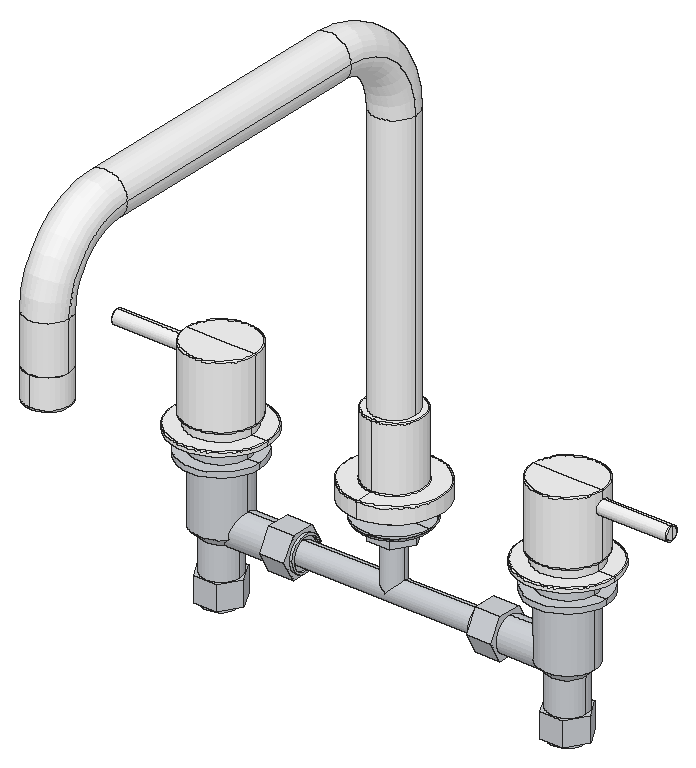
Revit family "Reece_Tap_Sussex_Scala_Square_Spa Set", category Plumbing Fixtures, host Face, Revit 2018
Family settings
  Host = Face
  Round Connector Dimension = Use Diameter
  Part Type = Normal
  Cut with Voids When Loaded = No
  Shared = Yes
  Room Calculation Point = Yes
Parameters (values of type "250 mm_Chrome")
  WFU = 0  # constant formula
  URL = "https://www.reece.com.au/product/-2261613"
  Type Comments = "Tap"
  Reece_Tap_Reach = 250 mm  # constant formula
  Reece_Tap_Projection = 80 mm  # constant formula
  Reece_Tap_Inlet = 12 mm  # constant formula
  Reece_Tap_Handle_Spacing [instance] = if(Reece_Tap_Axis Distance < 70 mm, 70 mm, if(Reece_Tap_Axis Distance > 70 mm, Reece_Tap_Axis Distance, Reece_Tap_Axis Distance))  # 100 mm
  Reece_Tap_Handle_Height = 45 mm  # constant formula
  Reece_Tap_Handle_Bottom_Height = 8 mm  # constant formula
  Reece_Tap_Clearance = 160 mm  # constant formula
  Reece_Tap_Axis Distance [instance] = 100 mm
  Reece_Product_Web Page = "https://www.reece.com.au/product/-2261613"
  Reece_Product_Type = "Tap"  # constant formula
  Reece_Product_Sub Brand = "Scala"  # constant formula
  Reece_Product_Number = "2261613"
  Reece_Product_Mount = "Hob Mounted"
  Reece_Product_Description = "Sussex Scala Hob Spa Set Square Chrome"
  Reece_Product_Brand = "Sussex"  # constant formula
  Reece_Overall_Length = 260 mm  # constant formula
  Reece_Overall_Height = 260 mm  # constant formula
  Reece_Overall_Diameter = 54 mm  # constant formula
  Reece_Material_Main = Reece_Brass_Chrome
  Reece_Detail_Type = "Spa Set"  # constant formula
  Reece_Detail_Shape = "Square"  # constant formula
  Reece_Detail_Installation = ""
  Reece_Detail_Disclaimer = "THIS FILE IS THE PROPERTY OF THE REECE GROUP. IT MAY NOT BE REPRODUCED, REVERSE-ENGINEERED OR MODIFIED. ANY REPUBLICATION, TRANSMISSION OR DISTRIBUTION FOR THE PURPOSE OF COMMERCIALLY EXPLOITING THE FILES IS PROHIBITED."  # constant formula
  Reece_Detail_Connector = ""
  Reece_Backplate_Thickness = 2.5 mm  # constant formula
  Model = "Scala"
  Manufacturer = "Sussex"
  Keynote = "Product #2261613, Reece_Tap_Sussex_Scala_Square_Spa Set - 250 mm_Chrome"
  HWFU = 0  # constant formula
  Disclaimer = "THIS FILE IS THE PROPERTY OF THE REECE GROUP. IT MAY NOT BE REPRODUCED, REVERSE-ENGINEERED OR MODIFIED. ANY REPUBLICATION, TRANSMISSION OR DISTRIBUTION FOR THE PURPOSE OF COMMERCIALLY EXPLOITING THE FILES IS PROHIBITED."  # constant formula
  Description = "Scala Hob Spa Set Square Chrome"
  Default Elevation = 1000 mm
  CWFU = 0  # constant formula
Types (2, lengths in mm): name | URL | Reece_Tap_Handle_Spacing | Reece_Tap_Axis Distance | Reece_Product_Web Page | Reece_Product_Number | Reece_Product_Description | Reece_Material_Main | Keynote | Description
  250 mm_Chrome | "https://www.reece.com.au/product/-2261613" | 100 | 100 | "https://www.reece.com.au/product/-2261613" | "2261613" | "Sussex Scala Hob Spa Set Square Chrome" | Reece_Brass_Chrome | "Product #2261613, Reece_Tap_Sussex_Scala_Square_Spa Set - 250 mm_Chrome" | "Scala Hob Spa Set Square Chrome"
  250 mm_PVD Brushed Platinum Gold | "https://www.reece.com.au/product/-2268278" | 70 | 0 | "https://www.reece.com.au/product/-2268278" | "2268278" | "Sussex Scala Hob Spa Set Square LUX PVD Brushed Platinum Gold" | Reece_PVD_Brushed_Platinum Gold | "Product #2268278, Reece_Tap_Sussex_Scala_Square_Spa Set - 250 mm_PVD Brushed Platinum Gold" | "Scala Hob Spa Set Square LUX PVD Brushed Platinum Gold"
Reference planes
  plane 1 "Center (Front/Back)": y = 0
  plane 2 "Bottom": z = 0
  plane 3 "Center (Left/Right)": x = 0
  plane 4 "Top": z = 260
  plane 5: x = -27
  plane 6: x = 27
  plane 7: z = 46
  plane 8: z = 160
  plane 9: x = -12.5
  plane 10: y = -250
  plane 11: x = 12.5
  plane 12: x = -100
  plane 13: x = 100
  plane 14: z = 45
  plane 15: x = -80
  plane 16: x = -127
  plane 17: x = -73
Forms (mm)
  Revolve 1, solid, material "Reece_Brass_Chrome" <- "Reece_Material_Main"
    sketch origin (0, 0, 0) x (0, -1, 0) y (0, 0, 1)
      loop
        arc (-15.5, 46) -> (-15.854, 45.854) -> (-16, 45.5) r 0.5
        line (-16, 45.5) -> (-16, 9.5)
        arc (-16, 9.5) -> (-16.146, 9.146) -> (-16.5, 9) r 0.5
        line (-16.5, 9) -> (-26.5, 9)
        arc (-26.5, 9) -> (-26.854, 8.854) -> (-27, 8.5) r 0.5
        line (-27, 8.5) -> (-27, 0) -> (0, 0) -> (0, 46) -> (-15.5, 46)
      axis (0, 0) -> (0, 46)
    angle from 0 to 360
  Sweep 2, solid, material "Reece_Brass_Chrome" <- "Reece_Material_Main"
    path origin (0, 0, 0) x (0, -1, 0) y (0, 0, 1)
      loop
        line (250, 177.855) -> (250, 205.655)
        arc (250, 205.655) -> (237.744, 235.244) -> (208.155, 247.5) r 41.845
        line (208.155, 247.5) -> (46.779, 247.5)
        arc (46.779, 247.5) -> (13.701, 233.799) -> (0, 200.721) r 46.779
        line (0, 200.721) -> (0, 9)
    profile origin (0, 0, 104.861) x (-1, 0, 0) y (0, -1, 0)
      loop
        circle (0, 0) r 12.5
  Extrusion 3, void
    sketch origin (0, 0, 0) x (1, 0, 0) y (0, 1, 0)
      loop
        circle (-100, 0) r 12
      loop
        circle (100, 0) r 12
      loop
        circle (0, 0) r 12.5
    from -64.811 to 31.051
  Revolve 4, solid, material "Reece_Brass_Chrome" <- "Reece_Material_Main"
    sketch origin (0, 0, 0) x (0, 1, 0) y (0, 0, 1)
      loop
        line (-262, 160) -> (-261.186, 160) -> (-261.186, 161.162) -> (-260.402, 161.162) -> (-259.979, 160) -> (-250, 160) -> (-250, 178.75) -> (-261.25, 178.75) -> (-262.5, 177.5) -> (-262.5, 160.5)
        arc (-262.5, 160.5) -> (-262.354, 160.146) -> (-262, 160) r 0.5
      axis (-250, 160) -> (-250, 178.75)
    angle from 0 to 360
  Revolve 5, solid
    sketch origin (-0.268, 0, -0.915) x (1, 0, 0) y (0, 0, 1)
      loop
        line (0, 5.835) -> (0, -47) -> (6.5, -47) -> (6.5, -11.7) -> (18.888, -11.7)
        arc (18.888, -11.7) -> (19.596, -11.407) -> (19.888, -10.7) r 1
        line (19.888, -10.7) -> (19.888, -9.6) -> (20.888, -9.6) -> (20.888, -8.742) -> (10, -8.742) -> (10, 5.835) -> (0, 5.835)
      axis (0, 5.835) -> (0, -47)
    angle from 0 to 360
  Revolve 6, solid
    sketch origin (-0.268, 0, -0.915) x (1, 0, 0) y (0, 0, 1)
      loop
        line (50.612, -47) -> (50.612, -40.5) -> (-66.612, -40.5) -> (-66.612, -37.123) -> (-99.259, -37.123) -> (-99.259, -47) -> (-70.103, -47) -> (50.612, -47)
      loop
        line (66.612, -37.123) -> (66.612, -47) -> (99.893, -47) -> (99.893, -37.123) -> (66.612, -37.123)
      axis (99.893, -47) -> (-99.259, -47)
    angle from 0 to 360
  Extrusion 7, solid
    sketch origin (-121.879, -0.379, -50.796) x (0, 1, 0) y (0, 0, 1)
      loop
        line (-12.921, 2.881) -> (-6.271, -8.637) -> (7.029, -8.637) -> (13.679, 2.881) -> (7.029, 14.399) -> (-6.271, 14.399) -> (-12.921, 2.881)
    from 55 to 69
  Extrusion 8, solid
    sketch origin (-52.879, -0.379, -50.796) x (0, 1, 0) y (0, 0, 1)
      loop
        circle (0.379, 2.881) r 10
      loop
        circle (0.379, 2.881) r 9
    from 0 to 2
  Revolve 9, solid
    sketch origin (-5.014, 0, -0.915) x (1, 0, 0) y (0, 0, 1)
      loop
        line (-110.559, -12.6) -> (-110.559, -48.588) -> (-105.61, -53.538) -> (-105.61, -72.919) -> (-104.007, -74.52) -> (-95, -74.52) -> (-95, 22.835) -> (-105, 22.835) -> (-105, 0.835) -> (-110.559, -2.375) -> (-110.559, -9.6) -> (-117.347, -9.6) -> (-117.347, -12.6) -> (-110.559, -12.6)
      axis (-95, 22.835) -> (-95, -74.52)
    angle from 0 to 360
  Extrusion 10, solid
    sketch origin (-105.014, 0, -73.834) x (0, 1, 0) y (1, 0, 0)
      loop
        line (0.001, 18.3) -> (-11.518, 11.65) -> (-11.518, -1.65) -> (0.001, -8.3) -> (11.519, -1.65) -> (11.519, 11.65) -> (0.001, 18.3)
    from 0 to 14
  Extrusion 11, solid
    sketch origin (-105.014, 0, -87.834) x (-1, 0, 0) y (0, 1, 0)
      loop
        circle (-5, 0.001) r 10
      loop
        circle (-5, 0.001) r 9
    from 0 to 2
  Extrusion 12, solid
    sketch origin (104.987, 0, -73.834) x (0, 1, 0) y (1, 0, 0)
      loop
        line (0.001, 8.3) -> (-11.518, 1.65) -> (-11.518, -11.65) -> (0.001, -18.3) -> (11.519, -11.65) -> (11.519, 1.65) -> (0.001, 8.3)
    from 0 to 14
  Extrusion 13, solid
    sketch origin (104.987, 0, -87.834) x (-1, 0, 0) y (0, 1, 0)
      loop
        circle (5, 0.001) r 10
      loop
        circle (5, 0.001) r 9
    from 0 to 2
  Extrusion 14, solid
    sketch origin (57.344, -0.379, -50.796) x (0, 1, 0) y (0, 0, 1)
      loop
        line (-12.921, 2.881) -> (-6.271, -8.637) -> (7.029, -8.637) -> (13.679, 2.881) -> (7.029, 14.399) -> (-6.271, 14.399) -> (-12.921, 2.881)
    from -5 to 9
  Extrusion 15, solid
    sketch origin (52.344, -0.379, -50.796) x (0, -1, 0) y (0, 0, 1)
      loop
        circle (-0.379, 2.881) r 10
      loop
        circle (-0.379, 2.881) r 9
    from 0 to 2
  Revolve 16, solid
    sketch origin (4.986, 0, -0.915) x (-1, 0, 0) y (0, 0, -1)
      loop
        line (-110.559, 12.6) -> (-117.347, 12.6) -> (-117.347, 9.6) -> (-110.559, 9.6) -> (-110.559, 2.375) -> (-105, -0.835) -> (-105, -22.835) -> (-95, -22.835) -> (-95, 74.47) -> (-104.059, 74.47) -> (-105.61, 72.919) -> (-105.61, 53.538) -> (-110.559, 48.588) -> (-110.559, 12.6)
      axis (-95, -22.835) -> (-95, 74.47)
    angle from 0 to 360
  Extrusion 17, solid
    sketch origin (-0.268, 0, -12.615) x (0, 1, 0) y (1, 0, 0)
      loop
        line (0.001, 13.3) -> (-11.518, 6.65) -> (-11.518, -6.65) -> (0.001, -13.3) -> (11.519, -6.65) -> (11.519, 6.65) -> (0.001, 13.3)
    from 0 to 8.3
Cuts and joins
  joined: Revolve 1, Sweep 2, Revolve 4
  joined: Revolve 5, Revolve 6, Extrusion 7, Revolve 9, Extrusion 10, Extrusion 12, Revolve 16, Extrusion 17
Text (mm)
  text "Reece Copyright © 2018, Reece Ltd." at (-342.196, -178.801, 0), in view "Ref. Level"
  text "Reece ©" at (44.384, 258.95, 192.345), in view "Reece Preview"
Dimensions and locks
  plane 7 to host face = 46 mm
  "Reece_Overall_Height": plane 4 "Top" to plane 2 "Bottom"
  "Reece_Tap_Clearance": plane 2 "Bottom" to plane 8
  "Reece_Tap_Reach": plane 1 "Center (Front/Back)" to plane 10
  plane 9 to plane 11 = 25 mm  (x2)
  "Reece_Overall_Diameter": plane 5 to plane 6
  plane 14 to plane 2 "Bottom" = 45 mm
  plane 4 "Top" to plane 2 "Bottom" = 260 mm
  plane 11 to plane 9 = 25 mm
  plane 2 "Bottom" to plane 4 "Top" = 260 mm
  plane 17 to plane 16 = 54 mm
  plane 5 to plane 6 = 54 mm
  "Reece_Overall_Diameter": plane 16 to plane 17
  "Reece_Tap_Handle_Spacing": plane 12 to plane 3 "Center (Left/Right)" to plane 13
  equal spacing: plane 16, plane 12, plane 17
  nested 1 to nested 1 = 40 mm
  nested 1 to nested 1 = 80 mm
  locked: plane 12 to Extrusion 10 sketch curve at 13.286
  locked: Extrusion 10 sketch curve to plane 12 at 13.314
  aligned and locked: plane 2 "Bottom" to host face
  aligned and locked: level to host face
  aligned and locked: nested 2 to plane 13
  aligned and locked: nested 1 to plane 12
Automatic sketch dimensions
  host sketch curve to host sketch curve = 380.785 mm
  host sketch curve to host sketch curve = 317.421 mm
  Revolve 1 sketch curve to level = 0 mm
  Revolve 1 sketch curve to plane 7 = 0 mm
  Revolve 1 sketch curve to plane 1 "Center (Front/Back)" = 0 mm  (x2)
  Revolve 1 sketch curve to Revolve 1 sketch curve = 15.5 mm
  Revolve 1 sketch curve to plane 7 = 0.5 mm
  Revolve 1 sketch curve to Revolve 1 sketch curve = 0.5 mm  (x2)
  Revolve 1 sketch curve to Revolve 1 sketch curve = 10 mm
  Revolve 1 sketch curve to Revolve 1 sketch curve = 8.5 mm
  Revolve 1 sketch curve to Revolve 1 sketch curve = 1 mm
  Revolve 1 sketch curve to Revolve 1 sketch curve = 13.278 mm
  Sweep 2 sketch curve to plane 1 "Center (Front/Back)" = 0 mm
  Sweep 2 sketch curve to plane 10 = 0 mm
  Sweep 2 sketch curve to plane 4 "Top" = 12.5 mm
  plane 1 "Center (Front/Back)" to Sweep 2 sketch curve = 46.779 mm
  level to Sweep 2 sketch curve = 9 mm
  Sweep 2 sketch curve to profile plane = 0 mm  (x2)
  plane 1 "Center (Front/Back)" to Extrusion 3 sketch curve = 0 mm  (x3)
  Extrusion 3 sketch curve to plane 12 = 0 mm
  Extrusion 3 sketch curve to plane 3 "Center (Left/Right)" = 0 mm
  Extrusion 3 sketch curve to plane 13 = 0 mm
  plane 10 to Sweep 2 sketch curve = 41.845 mm
  Sweep 2 sketch curve to plane 8 = 17.855 mm
  plane 8 to Revolve 4 sketch curve = 0 mm  (x3)
  Revolve 4 sketch curve to plane 10 = 0 mm  (x2)
  Revolve 4 sketch curve to Revolve 4 sketch curve = 9.979 mm
  Revolve 4 sketch curve to Revolve 4 sketch curve = 0.423 mm
  Revolve 4 sketch curve to Revolve 4 sketch curve = 1.207 mm
  Revolve 4 sketch curve to Revolve 4 sketch curve = 0.814 mm
  Revolve 4 sketch curve to plane 10 = 12.5 mm
  Revolve 4 sketch curve to plane 8 = 1.162 mm
  Revolve 4 sketch curve to Revolve 4 sketch curve = 16.338 mm
  Revolve 4 sketch curve to Revolve 4 sketch curve = 1.25 mm  (x2)
  Revolve 4 sketch curve to Revolve 4 sketch curve = 16.25 mm
  Revolve 5 sketch curve to plane 3 "Center (Left/Right)" = 0.268 mm  (x2)
  plane 3 "Center (Left/Right)" to Revolve 5 sketch curve = 6.232 mm
  Revolve 5 sketch curve to plane 11 = 2.768 mm
  plane 11 to Revolve 5 sketch curve = 6.121 mm
  Revolve 5 sketch curve to Revolve 5 sketch curve = 1 mm  (x2)
  Revolve 5 sketch curve to level = 47.915 mm
  Revolve 5 sketch curve to level = 12.615 mm
  Revolve 5 sketch curve to Revolve 5 sketch curve = 1.1 mm
  Revolve 5 sketch curve to Revolve 5 sketch curve = 2.958 mm
  level to Revolve 5 sketch curve = 4.92 mm
  Revolve 5 sketch curve to Revolve 5 sketch curve = 9.761 mm
  Revolve 5 sketch curve to Revolve 5 sketch curve = 17.404 mm
  Revolve 6 sketch curve to plane 12 = 0.473 mm
  plane 17 to Revolve 6 sketch curve = 2.629 mm
  plane 17 to Revolve 6 sketch curve = 6.121 mm
  plane 6 to Revolve 6 sketch curve = 23.344 mm
  Revolve 6 sketch curve to Revolve 6 sketch curve = 16 mm
  Revolve 6 sketch curve to plane 13 = 0.375 mm
  Revolve 6 sketch curve to level = 47.915 mm  (x2)
  Revolve 6 sketch curve to Revolve 6 sketch curve = 6.5 mm
  Revolve 6 sketch curve to Revolve 6 sketch curve = 3.377 mm
  Revolve 6 sketch curve to Revolve 6 sketch curve = 9.877 mm
  plane 16 to Revolve 6 sketch curve = 3.268 mm
  plane 13 to Revolve 6 sketch curve = 24.732 mm
  Revolve 6 sketch curve to Revolve 6 sketch curve = 0 mm
  plane 1 "Center (Front/Back)" to Extrusion 7 sketch curve = 13.3 mm
  plane 1 "Center (Front/Back)" to Extrusion 7 sketch curve = 6.65 mm  (x2)
  Extrusion 7 sketch curve to plane 1 "Center (Front/Back)" = 6.65 mm  (x2)
  Extrusion 7 sketch curve to plane 1 "Center (Front/Back)" = 13.3 mm
  Extrusion 7 sketch curve to level = 59.433 mm
  Extrusion 7 sketch curve to Extrusion 7 sketch curve = 11.518 mm  (x3)
  Extrusion 8 sketch curve to Extrusion 8 sketch curve = 0 mm  (x2)
  Extrusion 8 sketch curve to Extrusion 7 = 11.518 mm  (x2)
  plane 1 "Center (Front/Back)" to Extrusion 10 sketch curve = 11.518 mm
  Extrusion 10 sketch curve to plane 1 "Center (Front/Back)" = 0.001 mm  (x2)
  Extrusion 10 sketch curve to plane 1 "Center (Front/Back)" = 11.519 mm
  Extrusion 10 sketch curve to plane 12 = 6.636 mm  (x2)
  plane 12 to Extrusion 10 sketch curve = 6.664 mm
  Extrusion 10 sketch curve to Extrusion 10 sketch curve = 6.65 mm
  Extrusion 11 sketch curve to Extrusion 11 sketch curve = 0 mm  (x2)
  Extrusion 10 to Extrusion 11 sketch curve = 11.518 mm  (x2)
  plane 1 "Center (Front/Back)" to Extrusion 12 sketch curve = 11.518 mm
  Extrusion 12 sketch curve to plane 1 "Center (Front/Back)" = 0.001 mm  (x2)
  Extrusion 12 sketch curve to plane 1 "Center (Front/Back)" = 11.519 mm
  plane 13 to Extrusion 12 sketch curve = 13.286 mm
  plane 13 to Extrusion 12 sketch curve = 6.636 mm  (x2)
  Extrusion 12 sketch curve to plane 13 = 6.664 mm  (x2)
  Extrusion 12 sketch curve to Extrusion 12 sketch curve = 6.65 mm
  Extrusion 13 sketch curve to Extrusion 13 sketch curve = 0 mm  (x2)
  Extrusion 13 sketch curve to plane 1 "Center (Front/Back)" = 0.001 mm
  Extrusion 13 sketch curve to plane 13 = 0.014 mm
  plane 1 "Center (Front/Back)" to Extrusion 14 sketch curve = 13.3 mm
  plane 1 "Center (Front/Back)" to Extrusion 14 sketch curve = 6.65 mm  (x2)
  Extrusion 14 sketch curve to plane 1 "Center (Front/Back)" = 6.65 mm  (x2)
  Extrusion 14 sketch curve to plane 1 "Center (Front/Back)" = 13.3 mm
  Extrusion 14 sketch curve to level = 59.433 mm
  Extrusion 14 sketch curve to Extrusion 14 sketch curve = 11.518 mm  (x3)
  Extrusion 15 sketch curve to Extrusion 15 sketch curve = 0 mm  (x2)
  Extrusion 15 sketch curve to Extrusion 14 = 11.518 mm  (x2)
  plane 1 "Center (Front/Back)" to Extrusion 17 sketch curve = 11.518 mm
  Extrusion 17 sketch curve to plane 1 "Center (Front/Back)" = 0.001 mm  (x2)
  Extrusion 17 sketch curve to plane 1 "Center (Front/Back)" = 11.519 mm
  plane 11 to Extrusion 17 sketch curve = 0.532 mm
  Extrusion 17 sketch curve to plane 11 = 6.118 mm  (x2)
  Extrusion 17 sketch curve to plane 9 = 5.582 mm  (x2)
  plane 9 to Extrusion 17 sketch curve = 1.068 mm
  Revolve 9 sketch curve to plane 16 = 4.639 mm
  Revolve 9 sketch curve to level = 3.29 mm
  Revolve 9 sketch curve to Revolve 9 sketch curve = 6.788 mm
  Revolve 9 sketch curve to Revolve 9 sketch curve = 0 mm
  Revolve 9 sketch curve to Revolve 9 sketch curve = 4.95 mm  (x2)
  plane 12 to Revolve 9 sketch curve = 10.014 mm
  plane 12 to Revolve 9 sketch curve = 0.014 mm  (x2)
  Revolve 9 sketch curve to Revolve 9 sketch curve = 7.226 mm
  Revolve 9 sketch curve to Revolve 9 sketch curve = 3 mm
  Revolve 9 sketch curve to Revolve 9 sketch curve = 35.988 mm
  Revolve 9 sketch curve to Revolve 9 sketch curve = 19.382 mm
  Revolve 9 sketch curve to level = 0.08 mm
  level to Revolve 9 sketch curve = 21.92 mm
  Revolve 9 sketch curve to Revolve 9 sketch curve = 1.602 mm
  Revolve 9 sketch curve to Revolve 9 sketch curve = 1.601 mm
  Revolve 9 sketch curve to Revolve 9 sketch curve = 38.18 mm
  plane 8 to Revolve 9 sketch curve = 38.615 mm
  plane 13 to Revolve 16 sketch curve = 22.333 mm
  Revolve 16 sketch curve to level = 3.29 mm
  Revolve 16 sketch curve to Revolve 16 sketch curve = 6.788 mm
  plane 13 to Revolve 16 sketch curve = 15.546 mm
  plane 13 to Revolve 16 sketch curve = 10.596 mm
  plane 13 to Revolve 16 sketch curve = 9.986 mm
  Revolve 16 sketch curve to plane 13 = 0.014 mm  (x2)
  Revolve 16 sketch curve to level = 0.08 mm
  level to Revolve 16 sketch curve = 21.92 mm
  Revolve 16 sketch curve to Revolve 16 sketch curve = 7.226 mm
  Revolve 16 sketch curve to Revolve 16 sketch curve = 3 mm
  Revolve 16 sketch curve to Revolve 16 sketch curve = 35.988 mm
  Revolve 16 sketch curve to Revolve 16 sketch curve = 4.95 mm
  Revolve 16 sketch curve to Revolve 16 sketch curve = 19.382 mm
  Revolve 16 sketch curve to Revolve 16 sketch curve = 1.551 mm  (x2)
  plane 8 to Revolve 16 sketch curve = 38.615 mm
  Revolve 16 sketch curve to Revolve 16 sketch curve = 38.23 mm
  radius of Sweep 2 sketch curve = 12.5 mm
  radius of Extrusion 3 sketch curve = 12 mm  (x2)
  radius of Extrusion 3 sketch curve = 12.5 mm
  radius of Extrusion 8 sketch curve = 10 mm
  radius of Extrusion 8 sketch curve = 9 mm
  radius of Extrusion 11 sketch curve = 10 mm
  radius of Extrusion 11 sketch curve = 9 mm
  radius of Extrusion 13 sketch curve = 10 mm
  radius of Extrusion 13 sketch curve = 9 mm
  radius of Extrusion 15 sketch curve = 10 mm
  radius of Extrusion 15 sketch curve = 9 mm
Nested families
  nested 1: "Reece_Tap_Sussex_Scala_Set_Mixer_Nested" at (-100, 0, 0) x (0, 1, 0) z (0, 0, 1), Reece_Backplate_Thickness <- "Reece_Backplate_Thickness", Reece_Tap_Handle_Bottom_Height <- "Reece_Tap_Handle_Bottom_Height", Reece_Tap_Handle_Height <- "Reece_Tap_Handle_Height", Reece_Tap_Projection <- "Reece_Tap_Projection", Reece_Material_Main <- "Reece_Material_Main", type "Reece_Tap_Sussex_Scala_Set_Mixer_Nested"
    with Reece_Tap_Projection 80 mm, Reece_Tap_Handle_Height 45 mm, Reece_Tap_Handle_Bottom_Height 8 mm, Reece_Material_Main Reece_Brass_Chrome, Reece_Backplate_Thickness 2.5 mm
  nested 2: "Reece_Tap_Sussex_Scala_Set_Mixer_Nested" at (100, 0, 0) x (0, 1, 0) z (0, 0, 1), Reece_Backplate_Thickness <- "Reece_Backplate_Thickness", Reece_Tap_Handle_Bottom_Height <- "Reece_Tap_Handle_Bottom_Height", Reece_Tap_Handle_Height <- "Reece_Tap_Handle_Height", Reece_Tap_Projection <- "Reece_Tap_Projection", Reece_Material_Main <- "Reece_Material_Main", type "Reece_Tap_Sussex_Scala_Set_Mixer_Nested"
    with Reece_Tap_Projection 80 mm, Reece_Tap_Handle_Height 45 mm, Reece_Tap_Handle_Bottom_Height 8 mm, Reece_Material_Main Reece_Brass_Chrome, Reece_Backplate_Thickness 2.5 mm
Connectors
  piping at (99.986, 0.001, -89.834), diameter 12, driven by "Reece_Tap_Inlet"
    settings: on Extrusion 13, index 1, connector inside diameter 609.6 mm, connector length 0 mm, flow factor 0, pipe flow 0.0 L/s, pressure drop 0.0 Pa, fitting loss kfactor 0, connector angle 0.00°, fixture units 0, engagement length 0 mm, angle of deflection 0.00°, flow configuration 0, flow direction 1, fitting loss method 0, system type 29, joint type 0, gender type 0, connector reference index -1, connector utility 0, adjustable connector no, is connector primary yes, connector description ""
  piping at (-100.014, 0.001, -89.834), diameter 12, driven by "Reece_Tap_Inlet"
    settings: on Extrusion 11, index 2, connector inside diameter 609.6 mm, connector length 0 mm, flow factor 0, pipe flow 0.0 L/s, pressure drop 0.0 Pa, fitting loss kfactor 0, connector angle 0.00°, fixture units 0, engagement length 0 mm, angle of deflection 0.00°, flow configuration 0, flow direction 1, fitting loss method 0, system type 29, joint type 0, gender type 0, connector reference index -1, connector utility 0, adjustable connector no, is connector primary no, connector description ""
Definition of nested family "Reece_Tap_Sussex_Scala_Set_Mixer_Nested"
  Parameters (values of type "Reece_Tap_Sussex_Scala_Set_Mixer_Nested")
    Waste Connection = no
    WFU = 0
    Vent Connection = no
    URL = ""
    Type Comments = ""
    Reece_Tap_Projection [instance] = 80 mm
    Reece_Tap_Handle_Height [instance] = 45 mm
    Reece_Tap_Handle_Bottom_Height [instance] = 8 mm
    Reece_Material_Main [instance] = none
    Reece_Backplate_Thickness [instance] = 3 mm
    Model = ""
    Manufacturer = ""
    Keynote = ""
    HWFU = 0
    HW Connection = no
    Description = ""
    Default Elevation = 0 mm
    Cost = 0
    CWFU = 0
    CW Connection = no
    Assembly Code = ""
  Reference planes
    plane 1 "Center (Front/Back)": y = 0
    plane 2 "Bottom": z = 0
    plane 3 "Center (Left/Right)": x = 0
    plane 4: y = -27
    plane 5: y = 27
    plane 6: y = -20
    plane 7: y = 20
    plane 8: z = 36.5
    plane 9: x = -27
    plane 10: x = 27
    plane 11: y = 60
    plane 12: z = 45
    plane 13: z = 3
    plane 14: x = -20
    plane 15: x = 20
    plane 16: z = 8
  Forms (mm)
    Extrusion 1, solid
      sketch origin (619.2, -619.2, 0) x (1, 0, 0) y (0, 1, 0)
        loop
          line (-809.2, 779.2) -> (-809.2, 461.779) -> (-428.415, 461.779) -> (-428.415, 779.2) -> (-809.2, 779.2)
      from 0 to -9.564
    Revolve 2, solid, material <- "Reece_Material_Main"
      sketch origin (0, 0, 0) x (0, 1, 0) y (0, 0, 1)
        loop
          line (0, 0) -> (0, 45) -> (-19.5, 45)
          arc (-19.5, 45) -> (-19.854, 44.854) -> (-20, 44.5) r 0.5
          line (-20, 44.5) -> (-20, 8.5)
          arc (-20, 8.5) -> (-19.854, 8.146) -> (-19.5, 8) r 0.5
          line (-19.5, 8) -> (-17.75, 8) -> (-17.75, 3) -> (-26.5, 3)
          arc (-26.5, 3) -> (-26.854, 2.854) -> (-27, 2.5) r 0.5
          line (-27, 2.5) -> (-27, 0) -> (0, 0)
        axis (0, 45) -> (0, 0)
      angle from 0 to 360
    Revolve 3, solid, material <- "Reece_Material_Main"
      sketch origin (0, 0, 0) x (0, -1, 0) y (0, 0, -1)
        loop
          line (0, -36.5) -> (-60, -36.5) -> (-60, -40)
          arc (-60, -40) -> (-59.854, -40.354) -> (-59.5, -40.5) r 0.5
          line (-59.5, -40.5) -> (0, -40.5) -> (0, -36.5)
        axis (0, -36.5) -> (-60, -36.5)
      angle from 0 to 360
  Cuts and joins
    joined: Revolve 2, Revolve 3
  Text (mm)
    text "Reece Copyright © 2018, Reece Ltd." at (-1403.988, -1192.393, 0), in view "Ref. Level"
    text "Reece ©" at (44.384, 258.95, 192.345), in view "Reece Preview"
  Dimensions and locks
    locked: plane 12 to plane 8 at 8.5
    "Reece_Backplate_Thickness": plane 13 to plane 2 "Bottom"
    "Reece_Tap_Handle_Height": plane 12 to plane 2 "Bottom"
    "Reece_Tap_Projection": plane 11 to plane 6
    plane 7 to plane 6 = 40 mm
    "Reece_Tap_Handle_Bottom_Height": plane 2 "Bottom" to plane 16
    aligned and locked: plane 2 "Bottom" to Extrusion 1
    aligned and locked: level to Extrusion 1
    aligned and locked: Revolve 2 sketch curve to plane 12
    aligned and locked: plane 13 to Revolve 2 sketch curve
    aligned and locked: plane 16 to cut or joined group of Revolve 2, Revolve 3
  Automatic sketch dimensions
    Extrusion 1 sketch curve to Extrusion 1 sketch curve = 380.785 mm
    Extrusion 1 sketch curve to Extrusion 1 sketch curve = 317.421 mm
    plane 8 to Revolve 3 sketch curve = 0 mm
    Revolve 3 sketch curve to plane 11 = 0 mm
    Revolve 3 sketch curve to plane 8 = 0 mm
    Revolve 3 sketch curve to plane 1 "Center (Front/Back)" = 0 mm
    plane 11 to Revolve 3 sketch curve = 0.5 mm
    plane 8 to Revolve 3 sketch curve = 3.5 mm
    Revolve 3 sketch curve to plane 1 "Center (Front/Back)" = 5 mm
    Revolve 3 sketch curve to Revolve 3 sketch curve = 5 mm
    level to Revolve 2 sketch curve = 0 mm
    Revolve 2 sketch curve to plane 4 = 0 mm
    Revolve 2 sketch curve to plane 6 = 0 mm
    Revolve 2 sketch curve to plane 1 "Center (Front/Back)" = 0 mm  (x2)
    plane 4 to Revolve 2 sketch curve = 0.5 mm
    Revolve 2 sketch curve to Revolve 2 sketch curve = 0.5 mm  (x2)
    Revolve 2 sketch curve to Revolve 2 sketch curve = 1.75 mm
    Revolve 2 sketch curve to Revolve 2 sketch curve = 5 mm
    Revolve 2 sketch curve to level = 20 mm
    plane 13 to Revolve 2 sketch curve = 10 mm
